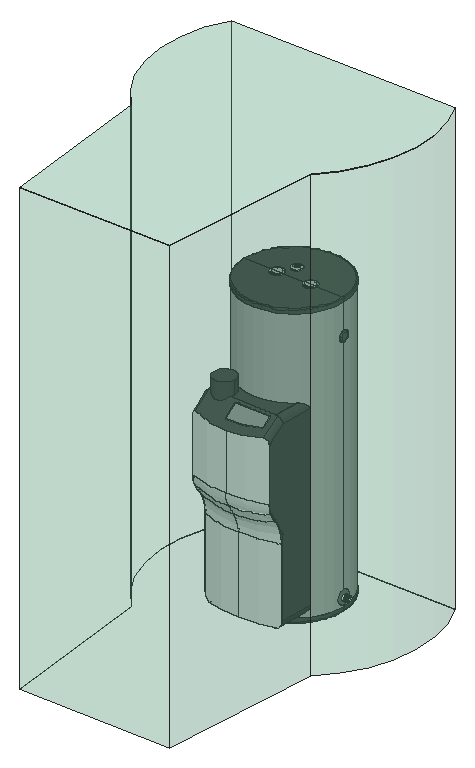
Revit family "Innovo NL_IR 12 200 NL LP", category Mechanical Equipment, Revit 2015
Parameters (values of type "IR-12-200 NL LP")
  Werkruimte Radius = Diameter + 170 mm  # 780 mm
  Werkruimte Hoogte = Hoogte + 1000 mm  # 2745 mm
  Werkruimte Afstand Voor = 1000 mm
  Werkruimte [instance] = yes
  Voorzorgsmaatregelen tijdens montage, installatie of onderhoud = "zie Gebruikers, Installatie, Service en Onderhouds handleiding"  # constant formula
  Voltage = 230 V  # constant formula
  Verpakkingslengte = 946 mm  # constant formula
  Verpakkingshoogte = 1895 mm
  Verpakkingsbreedte = 786 mm  # constant formula
  Uitsluitend werkend in daluren = no
  Type aanduiding = "IR-24-285"
  Transportgewicht = 153 kg
  Totaal Gewicht = 438 kg
  Stilstandsverlies - dagelijks (24u) = 0 W
  Stilstandsverlies = 0 W
  Standaard Afgesteld op = "G25.3"
  Stand Regelthermostaat = 65 °C  # constant formula
  Soort Verpakking = "Karton en Hout"  # constant formula
  Slimme controlefunctie = no
  Setpoint thermostaat = 65 °C  # constant formula
  Seizoens Rendement (Hs) = [Rendement (Hs, vlgs. NEN-EN 89 - 1999)]  # 97
  Rendement (Hs, vlgs. NEN-EN 89 - 1999) = 97
  Rendement (Hi, vlgs. NEN-EN 89 - 1999) = 108
  Produktspecificaties Link = ""
  Produkthandleiding Link = ""
  Produkt Model Nummer (EAN-nummer) = "8717449283834"
  Onderhoudsinterval = "12 maanden"  # constant formula
  Nominale Belasting (Onderwaarde) = "22000.0"
  Nominale Belasting (Bovenwaarde) = "24400.0"
  Nominaal Vermogen = "23800.0"
  NOx-uitstoot mg/kWh = "33.0"
  NOx-uitstoot (lucht vrij, 0% O2) ppm = "21"
  Min. Stand Regelthermostaat = 40 °C  # constant formula
  Max. Werkdruk = 800000.0 Pa
  Max. Stand Regelthermostaat = 85 °C  # constant formula
  Max. Rookgastemperatuur = 57 °C
  Ledig Gewicht = 136 kg
  Kraan Hoogte 02 = if(and(Hoogte = 1745 mm, Diameter = 675 mm), 1518 mm, if(and(Hoogte = 1745 mm, Diameter = 610 mm), 1534 mm, if(Hoogte = 1545 mm, 1328 mm, 1070 mm)))  # 1534 mm
  Kraan Hoogte 01 = if(and(Diameter > 560 mm), 693 mm, 604 mm)  # 693 mm
  Uitschakeldruk LDS < = 210.0 Pa
  URL = "www.aosmith.nl"
  Tapcapaciteit bij ΔT = 70°C  na 90 min. = 630.0 L
  Tapcapaciteit bij ΔT = 70°C  na 60 min. = 490.0 L
  Tapcapaciteit bij ΔT = 70°C  na 30 min. = 340.0 L
  Tapcapaciteit bij ΔT = 70°C  na 120 min. = 780.0 L
  Tapcapaciteit bij ΔT = 55°C  na 90 min. = 830.0 L
  Tapcapaciteit bij ΔT = 55°C  na 60 min. = 650.0 L
  Tapcapaciteit bij ΔT = 55°C  na 30 min. = 460.0 L
  Tapcapaciteit bij ΔT = 55°C  na 120 min. = 1100.0 L
  Tapcapaciteit bij ΔT = 50°C  na 90 min. = 920.0 L
  Tapcapaciteit bij ΔT = 50°C  na 60 min. = 720.0 L
  Tapcapaciteit bij ΔT = 50°C  na 30 min. = 510.0 L
  Tapcapaciteit bij ΔT = 50°C na 120 min. = 1200.0 L
  Tapcapaciteit bij ΔT = 44°C na 120 min. = 1100.0 L
  Tapcapaciteit bij ΔT = 44°C  na 90 min. = 820.0 L
  Tapcapaciteit bij ΔT = 44°C  na 60 min. = 590.0 L
  Tapcapaciteit bij ΔT = 44°C  na 30 min. = 1300.0 L
  Tapcapaciteit bij ΔT = 28°C na 90 min. = 1700.0 L
  Tapcapaciteit bij ΔT = 28°C na 60 min. = 1400.0 L
  Tapcapaciteit bij ΔT = 28°C na 30 min. = 960.0 L
  Tapcapaciteit bij ΔT = 28°C na 120 min. = 2100.0 L
  Tapcapaciteit Continu bij ΔT = 70°C = 290.0 L/s
  Tapcapaciteit Continu bij ΔT = 55°C = 370.0 L/s
  Tapcapaciteit Continu bij ΔT = 50°C = 410.0 L/s
  Tapcapaciteit Continu bij ΔT = 44°C = 460.0 L/s
  Tapcapaciteit Continu bij ΔT = 28°C = 740.0 L/s
  Opwarmtijd bij ΔT = 70°C = "49"
  Opwarmtijd bij ΔT = 55°C = "39"
  Opwarmtijd bij ΔT = 50°C = "35"
  Opwarmtijd bij ΔT = 44°C = "31"
  Opwarmtijd bij ΔT = 28°C = "20"
  Model = "IR-24-285 NL NAT"
  Manufacturer = "A.O. Smith Water Products Company b.v."  # constant formula
  Length = 780 mm  # constant formula
  Jaarlijks elektriciteitsverbruik (2) = "-"
  Jaarlijks elektriciteitsverbruik (1) = "45 kWh"
  Jaarlijks brandstofverbruik (2) = "-"
  Jaarlijks brandstofverbruik (1) = "21 GJ GCV"
  Isolatiedikte = 44 mm
  Installatie Typen = "B23/C13/C33/C43/C53/C63"  # constant formula
  Inhoud = 285.0 L
  Hoogte Warm Water Uitlaat = 1745 mm
  Hoogte Rookgasafvoer = 1350 mm
  Hoogte Lucht Inlaat = 1350 mm
  Hoogte Koud Water Inlaat = 170 mm
  Hoogte Gas Aansluiting = 905 mm
  Hoogte = 1745 mm
  Handelsmerk = "A.O. Smith"  # constant formula
  Geluidsniveau dB (A) = "<45"  # constant formula
  Geluidsniveau binnen = "53 dB"
  Gasverbruik - Volume ltr/hr = "2.30"
  Gasverbruik - Massa kg/h = "n.v.t."
  Gascategorie = "II2EK3B/P"  # constant formula
  Gas Voordruk = 2500.0 Pa
  Gas Aansluiting = 15"  # constant formula
  Garrantie op Tank = "36 maanden"  # constant formula
  Garrantie op Onderdelen = "12 maanden"  # constant formula
  Frequentie = 50 Hz  # constant formula
  Fase = 1
  Fabrikantnummer = "E 7110"  # constant formula
  Energie-efficiëntieklasse voor waterverwarming (2) = "-"
  Energie-efficiëntieklasse voor waterverwarming (1) = "A"  # constant formula
  Energie-efficiëntie voor waterverwarming (2) = "-"
  Energie-efficiëntie voor waterverwarming (1) = "91%"
  Elektrisch Vermogen (piek) = 105 W
  Elektrisch Vermogen (nominaal) = 51 W
  Diameter Schoorsteen - parallel systeem = "2x80"  # constant formula
  Diameter Schoorsteen - concentrisch systeem = "80/125 mm/mm"  # constant formula
  Diameter Schoorsteen - boiler = "80/125 mm/mm"  # constant formula
  Diameter = 610 mm
  Description = "Condenserende Hoog Rendementsboiler"  # constant formula
  Created By = "http://www.cadcompany.nl/"
  Capaciteitsprofiel = "XXL"
  CO2-uitstoot (tol. +/- 1.0) vol% = "9.3"
  CE-PIN = "0063CQ3037"  # constant formula
  Breedte = Diameter  # 610 mm
  Bestemming / Land = "Nederland"  # constant formula
  BIM Content Developer = "CAD & Company"  # constant formula
  Assembly Code = "D3010"
  Ander capaciteitsprofiel = "-"
  Aansluiting Warm Water = 1"
  Aansluiting T&P = 1"
  Aansluiting Koud Water = 3/4"  # constant formula
  Aansluiting Condensafvoer = 40 mm  # constant formula
  Aansluiting Aftapkraan = 3/4"  # constant formula
  2e Onderhoud (algeheel onderhoud) = "12 maanden na installatie"  # constant formula
  1e Onderhoud (check-up) = "3 maanden na installatie"  # constant formula
Reference planes
  plane 1 "Center (Front/Back)": y = 0
  plane 2: z = 0
  plane 3 "Center (Left/Right)": x = 0
  plane 4 "Pipe": through (-383.901, 912.349, 194.799) normal (-0.0879, -0.0879, 0.9923)
  plane 5 "footing": y = 118.925
  plane 6 "footing front": y = -237.85
  plane 7: x = -305
  plane 8: x = 305
  plane 9: z = 1745
Forms (mm)
  Revolve 1, solid, material "RAL 9005", detail levels medium+fine
    sketch origin (0, -237.85, 0) x (-1, 0, 0) y (0, 0, 1)
      loop
        line (0, 28.9) -> (-15, 28.9) -> (-15, 26.4) -> (-8.671, 26.4) -> (-8.671, 18) -> (-5.686, 18) -> (-6.626, 17.06) -> (-6.626, 12.06) -> (-8.671, 12.06) -> (-8.671, 10) -> (-10.031, 10) -> (-23.271, 5.181)
        arc (-23.271, 5.181) -> (-23.763, 4.836) -> (-24.017, 4.293) r 1.159
        line (-24.017, 4.293) -> (-24.017, 1.03)
        arc (-24.017, 1.03) -> (-23.715, 0.302) -> (-22.986, 0) r 1.03
        line (-22.986, 0) -> (0, 0) -> (0, 28.9)
      axis (0, 28.9) -> (0, 0)
    angle from 0 to 360
  Revolve 2, solid, material "RAL 9005", detail levels medium+fine
    sketch origin (0, 118.925, 0) x (-1, 0, 0) y (0, 0, 1)
      loop
        line (-205.984, 28.9) -> (-220.984, 28.9) -> (-220.984, 26.4) -> (-214.655, 26.4) -> (-214.655, 18) -> (-211.67, 18) -> (-212.61, 17.06) -> (-212.61, 12.06) -> (-214.655, 12.06) -> (-214.655, 10) -> (-216.015, 10) -> (-229.256, 5.181)
        arc (-229.256, 5.181) -> (-229.747, 4.836) -> (-230.001, 4.293) r 1.159
        line (-230.001, 4.293) -> (-230.001, 1.03)
        arc (-230.001, 1.03) -> (-229.699, 0.302) -> (-228.971, 0) r 1.03
        line (-228.971, 0) -> (-205.984, 0) -> (-205.984, 28.9)
      axis (-205.984, 28.9) -> (-205.984, 0)
    angle from 0 to 360
  Revolve 3, solid, material "RAL 9005", detail levels medium+fine
    sketch origin (0, 118.925, 0) x (-1, 0, 0) y (0, 0, 1)
      loop
        line (204.016, 28.9) -> (189.016, 28.9) -> (189.016, 26.4) -> (195.345, 26.4) -> (195.345, 18) -> (198.33, 18) -> (197.39, 17.06) -> (197.39, 12.06) -> (195.345, 12.06) -> (195.345, 10) -> (193.985, 10) -> (180.744, 5.181)
        arc (180.744, 5.181) -> (180.253, 4.836) -> (179.999, 4.293) r 1.159
        line (179.999, 4.293) -> (179.999, 1.03)
        arc (179.999, 1.03) -> (180.301, 0.302) -> (181.029, 0) r 1.03
        line (181.029, 0) -> (204.016, 0) -> (204.016, 28.9)
      axis (204.016, 28.9) -> (204.016, 0)
    angle from 0 to 360
Lines and regions (mm)
  symbolic lines
    curve 1: line (0, 280.06, 0) -> (0, -280.06, 0)
    curve 2: line (-280.06, 0, 0) -> (280.06, 0, 0)
  symbolic lines, style "Workspace"
    curve 3: line (681.142, 380.06, 0) -> (-681.142, 380.06, 0)
    curve 4: arc (-681.142, 380.06, 0) -> (-777.325, -64.546, 0) -> (-609.127, -487.2, 0) r 780
    curve 5: line (-609.127, -487.2, 0) -> (-421.783, -1517.825, 0)
    curve 6: line (-421.783, -1517.825, 0) -> (424.03, -1517.825, 0)
    curve 7: line (424.03, -1517.825, 0) -> (611.027, -484.816, 0)
    curve 8: arc (611.027, -484.816, 0) -> (777.449, -63.027, 0) -> (681.142, 380.06, 0) r 780
Dimensions and locks
  plane 5 "footing" to plane 1 "Center (Front/Back)" = 118.925 mm
  plane 1 "Center (Front/Back)" to plane 6 "footing front" = 237.85 mm
  "Diameter": plane 7 to plane 8
  equal spacing: plane 7, plane 3 "Center (Left/Right)", plane 8
  "Hoogte": plane 9 to plane 2
  "Werkruimte Afstand Voor": curve 6 to nested 3
  "Werkruimte Radius": radius of curve 4
  "Werkruimte Radius": radius of curve 8
  aligned and locked: level to plane 2
  aligned and locked: nested 3 to Revolve 1 sketch curve
  aligned and locked: plane 3 "Center (Left/Right)" to Revolve 1 sketch curve
  aligned and locked: nested 3 to plane 1 "Center (Front/Back)"
  aligned and locked: plane 3 "Center (Left/Right)" to nested 3
  aligned and locked: nested 1 to plane 8
  aligned and locked: nested 5 to plane 8
  aligned and locked: nested 2 to plane 7
  aligned and locked: nested 4 to plane 7
  aligned and locked: nested 7 to plane 7
  aligned and locked: nested 8 to plane 3 "Center (Left/Right)"
  aligned and locked: curve 3 to nested 8
  aligned and locked: nested 8 to nested 3
Automatic sketch dimensions
  Revolve 1 sketch curve to level = 0 mm
  plane 3 "Center (Left/Right)" to Revolve 1 sketch curve = 5.686 mm
  Revolve 1 sketch curve to Revolve 1 sketch curve = 0.94 mm  (x2)
  Revolve 1 sketch curve to Revolve 1 sketch curve = 2.046 mm  (x2)
  Revolve 1 sketch curve to Revolve 1 sketch curve = 1.359 mm
  Revolve 1 sketch curve to Revolve 1 sketch curve = 6.329 mm
  level to Revolve 1 sketch curve = 4.091 mm
  Revolve 1 sketch curve to Revolve 1 sketch curve = 12.844 mm
  level to Revolve 1 sketch curve = 1.03 mm
  Revolve 1 sketch curve to Revolve 1 sketch curve = 0.111 mm
  level to Revolve 1 sketch curve = 5.181 mm
  Revolve 1 sketch curve to Revolve 1 sketch curve = 0.745 mm
  level to Revolve 1 sketch curve = 10 mm
  Revolve 1 sketch curve to Revolve 1 sketch curve = 2.06 mm
  Revolve 1 sketch curve to Revolve 1 sketch curve = 5 mm
  Revolve 1 sketch curve to Revolve 1 sketch curve = 8.4 mm
  Revolve 1 sketch curve to Revolve 1 sketch curve = 2.5 mm
  Revolve 1 sketch curve to level = 19.635 mm
  Revolve 1 sketch curve to Revolve 1 sketch curve = 46.465 mm
  Revolve 2 sketch curve to level = 0 mm
  level to Revolve 2 sketch curve = 1.03 mm
  Revolve 2 sketch curve to plane 8 = 74.999 mm
  level to Revolve 2 sketch curve = 5.181 mm
  Revolve 2 sketch curve to Revolve 2 sketch curve = 0.745 mm
  Revolve 2 sketch curve to Revolve 2 sketch curve = 0.397 mm
  Revolve 2 sketch curve to Revolve 2 sketch curve = 8.271 mm
  Revolve 2 sketch curve to Revolve 2 sketch curve = 13.241 mm
  Revolve 2 sketch curve to Revolve 2 sketch curve = 1.359 mm
  Revolve 2 sketch curve to Revolve 2 sketch curve = 6.329 mm
  Revolve 2 sketch curve to Revolve 2 sketch curve = 2.046 mm
  level to Revolve 2 sketch curve = 18 mm
  Revolve 2 sketch curve to Revolve 2 sketch curve = 0.94 mm  (x2)
  Revolve 2 sketch curve to Revolve 2 sketch curve = 8.671 mm
  Revolve 2 sketch curve to Revolve 2 sketch curve = 1.089 mm
  Revolve 2 sketch curve to Revolve 2 sketch curve = 8 mm
  Revolve 2 sketch curve to Revolve 2 sketch curve = 2.06 mm
  Revolve 2 sketch curve to Revolve 2 sketch curve = 8.4 mm
  Revolve 2 sketch curve to Revolve 2 sketch curve = 2.5 mm
  Revolve 2 sketch curve to Revolve 2 sketch curve = 0 mm
  Revolve 2 sketch curve to level = 19.635 mm
  Revolve 2 sketch curve to Revolve 2 sketch curve = 46.465 mm
  Revolve 3 sketch curve to level = 0 mm
  level to Revolve 3 sketch curve = 1.03 mm
  Revolve 3 sketch curve to plane 7 = 125.001 mm
  level to Revolve 3 sketch curve = 5.181 mm
  Revolve 3 sketch curve to Revolve 3 sketch curve = 0.745 mm
  Revolve 3 sketch curve to Revolve 3 sketch curve = 0.397 mm
  Revolve 3 sketch curve to Revolve 3 sketch curve = 8.271 mm
  Revolve 3 sketch curve to Revolve 3 sketch curve = 13.241 mm
  Revolve 3 sketch curve to Revolve 3 sketch curve = 1.359 mm
  Revolve 3 sketch curve to Revolve 3 sketch curve = 6.329 mm
  Revolve 3 sketch curve to Revolve 3 sketch curve = 2.046 mm
  level to Revolve 3 sketch curve = 18 mm
  Revolve 3 sketch curve to Revolve 3 sketch curve = 0.94 mm  (x2)
  Revolve 3 sketch curve to Revolve 3 sketch curve = 8.671 mm
  Revolve 3 sketch curve to Revolve 3 sketch curve = 1.089 mm
  Revolve 3 sketch curve to Revolve 3 sketch curve = 8 mm
  Revolve 3 sketch curve to Revolve 3 sketch curve = 2.06 mm
  Revolve 3 sketch curve to Revolve 3 sketch curve = 8.4 mm
  Revolve 3 sketch curve to Revolve 3 sketch curve = 2.5 mm
  Revolve 3 sketch curve to Revolve 3 sketch curve = 0 mm
  Revolve 3 sketch curve to level = 19.635 mm
  Revolve 3 sketch curve to Revolve 3 sketch curve = 46.465 mm
  curve 4 to curve 8 = 0 mm  (x2)
  plane 1 "Center (Front/Back)" to curve 2 = 0 mm
  curve 1 to plane 3 "Center (Left/Right)" = 0 mm
  plane 1 "Center (Front/Back)" to curve 4 = 0 mm
  curve 4 to plane 3 "Center (Left/Right)" = 0 mm
  curve 5 to plane 6 "footing front" = 249.35 mm
  plane 7 to curve 5 = 116.783 mm
  plane 8 to curve 7 = 119.03 mm
  curve 7 to plane 6 "footing front" = 246.966 mm
  curve 2 to plane 7 = 24.94 mm
  curve 2 to plane 8 = 24.94 mm
  curve 1 to plane 6 "footing front" = 42.21 mm
  plane 5 "footing" to curve 1 = 161.135 mm
Nested families
  nested 1: "Valve" at (305, -0.38, 1534) x (0, 1, 0) z (0, 0, 1), built-in parameter 1001364 <- "Kraan Hoogte 02", type "Valve"
  nested 2: "Drain Valve" at (-305, 0, 1534), built-in parameter 1001364 <- "Kraan Hoogte 02", type "Drain Valve"
  nested 3: "Housing Mother Housing S 57 (external)" at (0, -299.886, 0), type "Housing Mother_Housing S_57"
    with radius 305 mm, distance to boiler center 154 mm, diameter 610 mm
  nested 4: "Drain Valve" at (-305, 0, 177), type "Drain Valve"
  nested 5: "Drain Valve" at (305, 0, 107) x (-1, 0, 0) z (0, 0, 1), type "Drain Valve"
  nested 6: "Boiler" at (0, 0, 0), height <- "Hoogte", type "Boiler"
    with height 1745 mm, radius 305 mm, Diameter 610 mm
  nested 7: "Drain Valve" at (-305, 0, 693), built-in parameter 1001364 <- "Kraan Hoogte 01", type "Drain Valve"
  nested 8: "Innovo_workspace" at (0, 0, 0), Workspace <- "Werkruimte", Workspace Distance Front <- "Werkruimte Afstand Voor", Workspace Height <- "Werkruimte Hoogte", Workspace Radius <- "Werkruimte Radius", type "Workspace"
    with Workspace Radius 780 mm, Workspace Height 2745 mm, Workspace Distance Front 1000 mm, Workspace yes, Center to Front 517.825 mm
Connectors
  piping at (339.826, 0, 107), diameter 19.05, driven by "Aansluiting Aftapkraan"
    settings: on nested 5, index 1, connector inside diameter 24", connector length 0 mm, flow factor 0, pipe flow 0.0 L/s, pressure drop 0.0 Pa, fitting loss kfactor 0, connector angle 0.00°, fixture units 0, engagement length 0 mm, angle of deflection 0.00°, flow configuration 0, flow direction 0, fitting loss method 0, system type 19, joint type 0, gender type 0, connector reference index -1, connector utility 0, adjustable connector no, is connector primary yes, connector description ""
  hvac at (-147.013, -346.326, 1310.674)
    settings: on nested 3, index 2, duct flow 0.0 L/s, flow factor 0, pres drop 0.0 Pa, loss coef 0, conn angle 0.00°, conn width 304.8 mm, conn height 304.8 mm, conn diameter 125 mm, duct sys type 4, conn prof type 0, flow config 0, flow direction 0, loss method 0, conn ref index -1, conn util no, is conn primary yes, conn desc ""
Definition of nested family "Valve"
  Parameters (values of type "Valve")
    Type Comments = "T&P valve (internal)"
    Manufacturer = "A.O. Smith"
  Reference planes
    plane 1 "Center (Front/Back)": y = 0
    plane 2: z = 0
    plane 3 "Center (Left/Right)": x = 0
  Forms (mm)
    Extrusion 1, solid, detail levels fine
      sketch origin (0, 0, 0) x (1, 0, 0) y (0, 0, 1)
        loop
          circle (0, 0) r 31.5
      from -2.271 to 1.4
    Sweep 2, solid, detail levels fine
      path origin (0, -1.4, 0) x (1, 0, 0) y (0, 0, 1)
        loop
          circle (0, 0) r 31.5
      profile origin (0, -1.4, 31.5) x (0, 0, -1) y (0, -1, 0)
        loop
          line (7.3, 0) -> (7.3, 3) -> (0, 0) -> (7.3, 0)
  Dimensions and locks
    aligned and locked: level to plane 2
Definition of nested family "Drain Valve"
  Reference planes
    plane 1 "Center (Front/Back)": y = 0
    plane 2: z = 0
    plane 3 "Center (Left/Right)": x = 0
  Forms (mm)
    Revolve 1, solid, detail levels medium+fine
      sketch origin (0, 0, 0) x (1, 0, 0) y (0, 0, 1)
        loop
          line (-33.442, 15.696) -> (-34.826, 14.329) -> (-34.93, 12.731) -> (-16.555, 12.731) -> (-16.555, 0) -> (15.787, 0) -> (15.787, 18.3) -> (-14.4, 18.3) -> (-17.148, 15.533) -> (-18.729, 16.697) -> (-20.091, 15.333) -> (-21.672, 16.496) -> (-23.034, 15.133) -> (-24.614, 16.296) -> (-25.976, 14.932) -> (-27.557, 16.096) -> (-28.919, 14.732) -> (-30.5, 15.896) -> (-31.862, 14.532) -> (-33.442, 15.696)
        axis (-34.93, 0) -> (15.787, 0)
      angle from 0 to 360
  Dimensions and locks
    aligned and locked: level to plane 2
  Nested families
    nested 1: "Rubber sealing" at (2.592, -0.155, 0) x (0.0023, -1, 0) z (0, 0, 1), type "Rubber sealing", detail levels fine
  Definition of nested family "Rubber sealing"
    Reference planes
      plane 1 "Center (Front/Back)": y = 0
      plane 2: z = 0
      plane 3 "Center (Left/Right)": x = 0
    Forms (mm)
      Extrusion 1, solid, detail levels fine
        sketch origin (141.861, 319.581, 0) x (1, 0, 0) y (0, 1, 0)
          loop
            line (-216.354, -311.898) -> (-216.354, -313.94)
            arc (-216.354, -313.94) -> (-141.602, -321.581) -> (-66.861, -313.835) r 366.966
            line (-66.861, -313.835) -> (-66.861, -311.791)
            arc (-66.861, -311.791) -> (-141.602, -319.581) -> (-216.354, -311.898) r 364.966
        from -80 to 80
      Extrusion 2, void
        sketch origin (141.861, 319.581, 0) x (1, 0, 0) y (0, 0, 1)
          loop
            circle (-141.861, 0) r 13
          loop
            circle (-141.861, 0) r 110
          loop
            circle (-141.861, 0) r 40
        from 311.563 to 332.684
      Extrusion 3, void
        sketch origin (141.861, 319.581, 0) x (1, 0, 0) y (0, 0, 1)
          loop
            circle (-141.861, 0) r 18.25
        from 315.524 to 326.084
    Cuts and joins
      Extrusion 2, Extrusion 3 cuts Extrusion 1
    Dimensions and locks
      aligned and locked: level to plane 2
Definition of nested family "Housing Mother Housing S 57 (external)"
  Parameters (values of type "Housing Mother_Housing S_57")
    radius [instance] = 280 mm
    distance to boiler center = if(diameter = 675 mm, 189 mm, if(diameter = 610 mm, 154 mm, 129 mm))  # 129 mm
    diameter = 560 mm
  Reference planes
    plane 1 "Center (Front/Back)": y = 0
    plane 2: z = 0
    plane 3 "Center (Left/Right)": x = 0
    plane 4 "left": through (-245.286, 145.886, 1200) normal (0.9994, 0.0349, 0)
    plane 5: y = -217.939
    plane 6: y = 145.886
    plane 7: z = 1232.6
    plane 8: z = 65.89
    plane 9 "right": through (245.286, 145.886, 1200) normal (0.9994, -0.0349, 0)
    plane 10 "display": through (0, -90.37, 1221.196) normal (0, -0.5736, 0.8192)
    plane 11 "Potentiostat": z = 867.899
    plane 12 "boiler center": y = 274.886
    plane 13: x = -280
    plane 14: x = 280
  Forms (mm)
    Extrusion 1, solid
      sketch origin (0, 0, 0) x (1, 0, 0) y (0, 1, 0)
        loop
          line (-245.286, 145.886) -> (-232.581, -217.939) -> (232.581, -217.939) -> (245.286, 145.886)
          arc (245.286, 145.886) -> (0, 0.923) -> (-245.286, 145.886) r 280
      from 0 to 1232.6
    Sweep 2, void
      path origin (0, 0, 0) x (0, 1, 0) y (0, 0, 1)
        loop
          line (-217.939, 1232.6) -> (-217.939, 795.555)
          arc (-217.939, 795.555) -> (-212.387, 754.285) -> (-197.694, 715.322) r 183.924
          arc (-197.694, 715.322) -> (-179.915, 684.628) -> (-159.106, 655.901) r 348.284
          arc (-159.106, 655.901) -> (-131.411, 600.328) -> (-121.88, 538.973) r 202.254
          line (-121.88, 538.973) -> (-121.88, 61.106)
      profile origin (0, -217.939, 1014.077) x (1, 0, 0) y (0, 1, 0)
        loop
          arc (0, 0) -> (-117.533, 9.941) -> (-231.728, 39.475) r 699.984
          arc (-231.728, 39.475) -> (-233.391, 40.705) -> (-234.07, 42.659) r 3.505
          line (-234.07, 42.659) -> (-254.062, 42.659) -> (-254.062, -142.593) -> (254.07, -142.593) -> (254.07, 42.659) -> (234.07, 42.659)
          arc (234.07, 42.659) -> (233.391, 40.705) -> (231.728, 39.475) r 3.505
          arc (231.728, 39.475) -> (117.533, 9.941) -> (0, 0) r 699.984
    Extrusion 3, void
      sketch origin (0, 0, 0) x (0, 1, 0) y (0, 0, 1)
        loop
          arc (102.864, 70.869) -> (99.804, 70.709) -> (96.874, 69.813) r 12.57
          arc (96.874, 69.813) -> (87.878, 66.533) -> (78.516, 64.529) r 69.114
          arc (78.516, 64.529) -> (76.41, 64.284) -> (74.294, 64.148) r 41.206
          arc (74.294, 64.148) -> (65.203, 64.335) -> (56.122, 64.782) r 318.661
          arc (56.122, 64.782) -> (30.585, 66.179) -> (5.028, 67.128) r 1456.581
          line (5.028, 67.128) -> (-84.534, 73.135)
          arc (-84.534, 73.135) -> (-86.363, 73.808) -> (-87.536, 75.365) r 3.455
          line (-87.536, 75.365) -> (-264.473, 75.365) -> (-264.473, 0) -> (160.886, 0) -> (160.886, 103.945) -> (145.886, 103.945)
          arc (145.886, 103.945) -> (145.104, 97.827) -> (142.923, 92.059) r 26.364
          arc (142.923, 92.059) -> (141.067, 88.936) -> (138.867, 86.045) r 31.715
          arc (138.867, 86.045) -> (135.576, 82.49) -> (132.021, 79.2) r 62.615
          arc (132.021, 79.2) -> (125.841, 74.697) -> (119.091, 71.103) r 54.444
          arc (119.091, 71.103) -> (116.371, 70.272) -> (113.531, 70.123) r 11.669
          line (113.531, 70.123) -> (102.864, 70.869)
      from -254.062 to 254.07
    Sweep 4, void
      path origin (0, 0, 0) x (1, 0, 0) y (0, 1, 0)
        loop
          line (-245.286, 145.886) -> (-232.581, -217.939)
      profile origin (-238.933, -36.027, 0) x (0.999391, 0.034899, 0) y (0, 0, 1)
        loop
          line (-4.454, 0) -> (47.084, 0) -> (47.084, 73.431)
          arc (47.084, 73.431) -> (14.222, 85.134) -> (0.255, 117.1) r 43.922
          line (0.255, 117.1) -> (-4.454, 117.1) -> (-4.454, 0)
    Sweep 5, void
      path origin (0, 0, 0) x (-1, 0, 0) y (0, 1, 0)
        loop
          line (-245.286, 145.886) -> (-232.581, -217.939)
      profile origin (238.933, -36.027, 0) x (0.999391, -0.034899, 0) y (0, 0, 1)
        loop
          line (4.454, 0) -> (4.454, 117.1) -> (-0.255, 117.1)
          arc (-0.255, 117.1) -> (-14.222, 85.134) -> (-47.084, 73.431) r 43.922
          line (-47.084, 73.431) -> (-47.084, 0) -> (4.454, 0)
    Sweep 6, void
      path origin (-239.899, -8.377, 0) x (-0.034899, 0.999391, 0) y (0, 0, 1)
        loop
          line (-209.69, 1141.272) -> (-79.18, 1232.6) -> (154.358, 1232.6)
      profile origin (-241.211, 29.188, 1232.6) x (0, 0, 1) y (0.999391, 0.034899, 0)
        loop
          line (-45, -30) -> (75, -30) -> (75, 0) -> (75, 55) -> (2.799, 55) -> (-1.253, 35.128)
          arc (-1.253, 35.128) -> (-16.771, 9.564) -> (-45, -0.308) r 44.287
          line (-45, -0.308) -> (-45, -30)
    Sweep 7, void
      path origin (239.899, -8.377, 0) x (0.034899, 0.999391, 0) y (0, 0, 1)
        loop
          line (-209.69, 1141.272) -> (-79.18, 1232.6) -> (154.358, 1232.6)
      profile origin (241.211, 29.188, 1232.6) x (0, 0, -1) y (-0.999391, 0.034899, 0)
        loop
          line (-75, -25) -> (45, -25) -> (45, -0.308)
          arc (45, -0.308) -> (16.771, 9.564) -> (1.253, 35.128) r 44.287
          line (1.253, 35.128) -> (-2.799, 55) -> (-75, 55) -> (-75, -25)
    Extrusion 8, void
      sketch origin (0, 0, 0) x (0, 1, 0) y (0, 0, 1)
        loop
          line (-270, 1336.099) -> (-270, 1099.081) -> (68.497, 1336.099) -> (-270, 1336.099)
      from -425.038 to 444.42
    Extrusion 9, solid, detail levels medium+fine
      sketch origin (0, 0, 0) x (1, 0, 0) y (0, 1, 0)
        loop
          circle (-147.013, -46.44) r 65
      from 1163.174 to 1310.674
    Extrusion 10, void
      sketch origin (0, -603.506, 861.895) x (0, 0.819152, 0.573576) y (-1, 0, 0)
        loop
          arc (618.322, -173) -> (623.272, -170.95) -> (625.322, -166) r 7
          line (625.322, -166) -> (625.322, 35)
          arc (625.322, 35) -> (623.272, 39.95) -> (618.322, 42) r 7
          line (618.322, 42) -> (535.473, 42)
          arc (535.473, 42) -> (530.688, 40.11) -> (528.488, 35.46) r 7
          arc (528.488, 35.46) -> (531.569, -67.592) -> (554.18, -168.18) r 540
          arc (554.18, -168.18) -> (556.724, -171.668) -> (560.831, -173) r 7
          line (560.831, -173) -> (618.322, -173)
      from 0 to 137.286
    Sweep 11, solid, detail levels fine
      path origin (0, 0, 867.899) x (-1, 0, 0) y (0, -1, 0)
        loop
          line (309.749, -35.617) -> (204.371, -35.617)
          arc (204.371, -35.617) -> (196.509, -34.687) -> (189.082, -31.947) r 33.677
          line (189.082, -31.947) -> (-9.574, 69.274)
      profile origin (-257.06, 35.617, 867.899) x (0, 1, 0) y (0, 0, 1)
        loop
          circle (0, 0) r 7.316
        loop
          circle (0, 0) r 6.465
    Revolve 12, void
      sketch origin (0, 274.886, 0) x (-1, 0, 0) y (0, 0, 1)
        loop
          line (280, 1243.838) -> (0, 1243.838) -> (0, 54.9) -> (280, 54.9) -> (280, 1243.838)
        axis (0, 1243.838) -> (0, 54.9)
      angle from 0 to 360
  Cuts and joins
    Sweep 2, Extrusion 3, Sweep 4, Sweep 5, Sweep 6, Sweep 7, Extrusion 8, Extrusion 10, Revolve 12 cuts Extrusion 1
  Dimensions and locks
    plane 8 to plane 2 = 65.89 mm
    plane 7 to plane 8 = 1166.71 mm
    "distance to boiler center": plane 12 "boiler center" to plane 6
    "diameter": plane 14 to plane 13
    equal spacing: plane 14, plane 3 "Center (Left/Right)", plane 13
    "radius": plane 3 "Center (Left/Right)" to plane 13
    aligned and locked: level to plane 2
    aligned and locked: Extrusion 1 to plane 7
    aligned and locked: Extrusion 1 sketch curve to plane 5
    aligned and locked: Sweep 2 to Extrusion 3
    aligned and locked: Extrusion 3 to Sweep 2  (x2)
    aligned and locked: plane 7 to Sweep 2 sketch curve
    aligned and locked: plane 3 "Center (Left/Right)" to Revolve 12 sketch curve
    aligned and locked: Revolve 12 sketch curve to plane 3 "Center (Left/Right)"
    aligned and locked: plane 13 to Revolve 12 sketch curve
  Automatic sketch dimensions
    Extrusion 1 sketch curve to plane 4 "left" = 0 mm  (x2)
    Extrusion 1 sketch curve to plane 6 = 0 mm  (x2)
    Extrusion 1 sketch curve to plane 3 "Center (Left/Right)" = 0 mm
    Extrusion 1 sketch curve to plane 9 "right" = 0 mm
    plane 6 to Extrusion 1 sketch curve = 135.037 mm
    Sweep 2 sketch curve to plane 5 = 0 mm
    plane 5 to Sweep 2 sketch curve = 106.195 mm
    Sweep 2 sketch curve to plane 5 = 96.059 mm
    plane 1 "Center (Front/Back)" to Sweep 2 sketch curve = 34.053 mm
    plane 11 "Potentiostat" to Sweep 2 sketch curve = 6.417 mm
    Sweep 2 sketch curve to plane 6 = 33.705 mm
    Sweep 2 sketch curve to plane 11 "Potentiostat" = 68.615 mm
    Sweep 2 sketch curve to plane 11 "Potentiostat" = 72.345 mm
    Sweep 2 sketch curve to Sweep 2 sketch curve = 176.349 mm
    Sweep 2 sketch curve to Sweep 2 sketch curve = 0 mm  (x2)
    plane 8 to Sweep 2 sketch curve = 4.784 mm
    Extrusion 3 sketch curve to level = 0 mm
    Extrusion 3 sketch curve to plane 6 = 0 mm
    Extrusion 3 sketch curve to plane 6 = 26.363 mm
    Extrusion 3 sketch curve to Extrusion 3 sketch curve = 4.75 mm
    Extrusion 3 sketch curve to Extrusion 3 sketch curve = 5.179 mm
    Extrusion 3 sketch curve to plane 8 = 4.232 mm
    Extrusion 3 sketch curve to Extrusion 3 sketch curve = 0.814 mm
    Extrusion 3 sketch curve to plane 8 = 4.978 mm
    Extrusion 3 sketch curve to Extrusion 3 sketch curve = 10.667 mm
    Extrusion 3 sketch curve to Extrusion 3 sketch curve = 0.877 mm
    Extrusion 3 sketch curve to Extrusion 3 sketch curve = 17.827 mm
    Extrusion 3 sketch curve to Extrusion 3 sketch curve = 5.646 mm
    Extrusion 3 sketch curve to plane 6 = 69.562 mm
    Extrusion 3 sketch curve to Extrusion 3 sketch curve = 18.6 mm
    Extrusion 3 sketch curve to Extrusion 3 sketch curve = 22.538 mm
    Extrusion 3 sketch curve to plane 8 = 1.238 mm
    Extrusion 3 sketch curve to plane 1 "Center (Front/Back)" = 5.028 mm
    plane 1 "Center (Front/Back)" to Extrusion 3 sketch curve = 36.224 mm
    Extrusion 3 sketch curve to plane 8 = 10.692 mm
    plane 1 "Center (Front/Back)" to Extrusion 3 sketch curve = 84.302 mm
    Extrusion 3 sketch curve to plane 8 = 7.244 mm
    Extrusion 3 sketch curve to Extrusion 3 sketch curve = 0.231 mm
    Extrusion 3 sketch curve to Extrusion 3 sketch curve = 3.234 mm
    plane 5 to Extrusion 3 sketch curve = 46.534 mm
    plane 6 to Extrusion 3 sketch curve = 15 mm
    Extrusion 3 sketch curve to level = 1388.869 mm
    plane 8 to Extrusion 3 sketch curve = 7.561 mm
    Extrusion 3 sketch curve to Extrusion 3 sketch curve = 11.64 mm
    Extrusion 3 sketch curve to plane 8 = 38.054 mm
    Extrusion 3 sketch curve to Extrusion 3 sketch curve = 22.442 mm
    Extrusion 3 sketch curve to plane 8 = 39.432 mm
    Extrusion 3 sketch curve to Extrusion 3 sketch curve = 2.466 mm
    Extrusion 3 sketch curve to Extrusion 3 sketch curve = 14.17 mm
    Extrusion 3 sketch curve to Extrusion 3 sketch curve = 5.925 mm
    Extrusion 3 sketch curve to Extrusion 3 sketch curve = 6.186 mm
    Extrusion 3 sketch curve to Extrusion 3 sketch curve = 249.85 mm
    Extrusion 3 sketch curve to Extrusion 3 sketch curve = 0 mm  (x4)
    Extrusion 3 sketch curve to Extrusion 3 sketch curve = 6.845 mm
    plane 8 to Extrusion 3 sketch curve = 1.743 mm
    Sweep 4 sketch curve to plane 4 "left" = 0 mm  (x2)
    Sweep 4 sketch curve to plane 6 = 0 mm
    plane 5 to Sweep 4 sketch curve = 0 mm
    Sweep 4 sketch curve to level = 0 mm
    profile plane to Sweep 4 sketch curve = 4.454 mm
    Sweep 4 sketch curve to profile plane = 0.255 mm
    Sweep 4 sketch curve to Sweep 4 sketch curve = 43.922 mm
    Sweep 4 sketch curve to profile plane = 47.084 mm
    level to Sweep 4 sketch curve = 73.431 mm
    Sweep 4 sketch curve to Sweep 4 sketch curve = 43.669 mm
    Sweep 5 sketch curve to plane 6 = 0 mm
    Sweep 5 sketch curve to plane 9 "right" = 0 mm  (x2)
    plane 5 to Sweep 5 sketch curve = 0 mm
    Sweep 5 sketch curve to level = 0 mm
    profile plane to Sweep 5 sketch curve = 47.084 mm
    Sweep 5 sketch curve to Sweep 5 sketch curve = 2.907 mm
    profile plane to Sweep 5 sketch curve = 0.255 mm
    Sweep 5 sketch curve to profile plane = 4.454 mm
    level to Sweep 5 sketch curve = 73.431 mm
    Sweep 5 sketch curve to Sweep 5 sketch curve = 43.669 mm
    Sweep 6 sketch curve to plane 7 = 0 mm
    plane 7 to Sweep 6 sketch curve = 91.328 mm
    Sweep 6 sketch curve to Sweep 6 sketch curve = 130.509 mm
    Sweep 6 sketch curve to Sweep 6 sketch curve = 233.538 mm
    Sweep 6 sketch curve to plane 4 "left" = 0 mm
    profile plane to Sweep 6 sketch curve = 45 mm
    Sweep 6 sketch curve to Sweep 6 sketch curve = 0.354 mm
    profile plane to Sweep 6 sketch curve = 1.253 mm
    Sweep 6 sketch curve to profile plane = 2.799 mm
    Sweep 6 sketch curve to Sweep 6 sketch curve = 72.201 mm
    Sweep 6 sketch curve to plane 4 "left" = 0.308 mm
    Sweep 6 sketch curve to Sweep 6 sketch curve = 29.692 mm
    plane 4 "left" to Sweep 6 sketch curve = 35.128 mm
    plane 4 "left" to Sweep 6 sketch curve = 55 mm
    Sweep 7 sketch curve to plane 7 = 0 mm
    Sweep 7 sketch curve to plane 7 = 91.328 mm
    Sweep 7 sketch curve to Sweep 7 sketch curve = 130.509 mm
    Sweep 7 sketch curve to Sweep 7 sketch curve = 233.538 mm
    Sweep 7 sketch curve to plane 9 "right" = 25 mm
    profile plane to Sweep 7 sketch curve = 75 mm
    profile plane to Sweep 7 sketch curve = 2.799 mm
    Sweep 7 sketch curve to profile plane = 1.253 mm
    Sweep 7 sketch curve to Sweep 7 sketch curve = 43.393 mm
    Sweep 7 sketch curve to profile plane = 45 mm
    Sweep 7 sketch curve to plane 9 "right" = 0.308 mm
    plane 9 "right" to Sweep 7 sketch curve = 35.128 mm
    Sweep 7 sketch curve to Sweep 7 sketch curve = 19.872 mm
    plane 5 to Extrusion 8 sketch curve = 52.061 mm
    Extrusion 8 sketch curve to plane 1 "Center (Front/Back)" = 68.497 mm
    plane 7 to Extrusion 8 sketch curve = 133.519 mm
    Extrusion 8 sketch curve to plane 7 = 103.499 mm
    plane 1 "Center (Front/Back)" to Extrusion 9 sketch curve = 46.44 mm
    Extrusion 9 sketch curve to plane 3 "Center (Left/Right)" = 147.013 mm
    Extrusion 10 sketch curve to plane 3 "Center (Left/Right)" = 0 mm
    Extrusion 10 sketch curve to plane 3 "Center (Left/Right)" = 35 mm
    Extrusion 10 sketch curve to Extrusion 10 sketch curve = 25.359 mm
    Extrusion 10 sketch curve to Extrusion 10 sketch curve = 57.491 mm
    Extrusion 10 sketch curve to plane 3 "Center (Left/Right)" = 42 mm
    Extrusion 10 sketch curve to Extrusion 10 sketch curve = 82.85 mm
    Extrusion 10 sketch curve to Extrusion 10 sketch curve = 7 mm
    Extrusion 10 sketch curve to Extrusion 10 sketch curve = 442 mm
    plane 3 "Center (Left/Right)" to Extrusion 10 sketch curve = 166 mm
    Extrusion 10 sketch curve to Extrusion 10 sketch curve = 0 mm  (x2)
    Sweep 11 sketch curve to plane 1 "Center (Front/Back)" = 31.947 mm
    Sweep 11 sketch curve to plane 3 "Center (Left/Right)" = 189.082 mm
    Sweep 11 sketch curve to plane 1 "Center (Front/Back)" = 1.94 mm
    Sweep 11 sketch curve to Sweep 11 sketch curve = 15.289 mm
    plane 3 "Center (Left/Right)" to Sweep 11 sketch curve = 9.574 mm
    Sweep 11 sketch curve to Sweep 11 sketch curve = 105.378 mm
    plane 1 "Center (Front/Back)" to Sweep 11 sketch curve = 69.274 mm
    Sweep 11 sketch curve to Sweep 11 sketch curve = 0 mm  (x2)
    Sweep 11 sketch curve to plane 11 "Potentiostat" = 0 mm
    Sweep 11 sketch curve to profile plane = 0 mm
    plane 8 to Revolve 12 sketch curve = 10.99 mm
    Revolve 12 sketch curve to plane 7 = 11.238 mm
    Revolve 12 sketch curve to level = 366.045 mm
    Revolve 12 sketch curve to Revolve 12 sketch curve = 971.917 mm
    Sweep 2 sketch curve to plane 3 "Center (Left/Right)" = 0 mm
    profile plane to Sweep 2 sketch curve = 0 mm
    Sweep 2 sketch curve to plane 3 "Center (Left/Right)" = 0.016 mm
    Sweep 2 sketch curve to profile plane = 42.782 mm  (x2)
    Sweep 2 sketch curve to plane 3 "Center (Left/Right)" = 230.568 mm
    plane 3 "Center (Left/Right)" to Sweep 2 sketch curve = 0.016 mm
    plane 3 "Center (Left/Right)" to Sweep 2 sketch curve = 230.568 mm
    Sweep 2 sketch curve to Sweep 2 sketch curve = 3.502 mm  (x2)
    Sweep 2 sketch curve to Sweep 2 sketch curve = 20 mm
    profile plane to Sweep 2 sketch curve = 142.593 mm
    Sweep 2 sketch curve to Sweep 2 sketch curve = 0.122 mm  (x2)
    Sweep 2 sketch curve to Sweep 2 sketch curve = 657.203 mm
    Sweep 2 sketch curve to Sweep 2 sketch curve = 19.991 mm
    radius of Extrusion 9 sketch curve = 65 mm
    radius of Sweep 11 sketch curve = 7.316 mm
    radius of Sweep 11 sketch curve = 6.465 mm
  Nested families
    nested 1: "display" at (65.5, -130.939, 1192.79) x (-1, 0, 0) z (0, -0.5736, 0.8192), type "display"
  Definition of nested family "display"
    Parameters (values of type "display")
      Default Elevation = 1219.2 mm
    Reference planes
      plane 1 "Center (Front/Back)": y = 0
      plane 2: z = 0
      plane 3 "Center (Left/Right)": x = 0
    Forms (mm)
      Extrusion 1, solid, detail levels medium+fine
        sketch origin (-16.958, 11.842, -343.878) x (1, 0, 0) y (0, 0, -1)
          loop
            line (-233.523, -343.878) -> (-233.523, -346.592) -> (332.686, -346.592) -> (332.686, -343.878) -> (-233.523, -343.878)
        from -228.7 to 150.822
      Extrusion 2, void
        sketch origin (-16.958, 6.842, -343.878) x (1, 0, 0) y (0, 1, 0)
          loop
            line (-233.523, 155.822) -> (-233.523, -223.7) -> (332.686, -223.7) -> (332.686, 155.822) -> (-233.523, 155.822)
          loop
            arc (-90.542, -48.267) -> (-88.492, -53.216) -> (-83.542, -55.267) r 7
            line (-83.542, -55.267) -> (117.458, -55.267)
            arc (117.458, -55.267) -> (122.408, -53.216) -> (124.458, -48.267) r 7
            line (124.458, -48.267) -> (124.458, 34.583)
            arc (124.458, 34.583) -> (122.568, 39.368) -> (117.918, 41.568) r 7
            arc (117.918, 41.568) -> (14.866, 38.487) -> (-85.722, 15.876) r 540
            arc (-85.722, 15.876) -> (-89.21, 13.332) -> (-90.542, 9.224) r 7
            line (-90.542, 9.224) -> (-90.542, -48.267)
        from 328.878 to 363.083
    Cuts and joins
      Extrusion 2 cuts Extrusion 1
    Dimensions and locks
      aligned and locked: level to plane 2
Definition of nested family "Boiler"
  Parameters (values of type "Boiler")
    radius [instance] = 280 mm
    height [instance] = 1270 mm
    Diameter = 560 mm
  Reference planes
    plane 1 "Center (Front/Back)": y = 0
    plane 2: z = 0
    plane 3 "Center (Left/Right)": x = 0
    plane 4: z = 1243.838
    plane 5: z = 1270
    plane 6 "bottom": z = 28.9
    plane 7: z = 54.9
    plane 8 "top controle": y = 88
    plane 9: x = -280
    plane 10: x = 280
  Forms (mm)
    Revolve 1, solid
      sketch origin (0, 0, 0) x (1, 0, 0) y (0, 0, 1)
        loop
          line (0, 54.9) -> (-280, 54.9) -> (-280, 32.9)
          arc (-280, 32.9) -> (-278.828, 30.072) -> (-276, 28.9) r 4
          line (-276, 28.9) -> (0, 28.9) -> (0, 54.9)
        axis (0, 28.9) -> (0, 54.9)
      angle from 0 to 360
    Revolve 2, solid
      sketch origin (1.311, 0, 0) x (1, 0, 0) y (0, 0, 1)
        loop
          line (-278.86, 1243.838) -> (-278.86, 54.9) -> (-1.311, 54.9) -> (-1.311, 1243.838) -> (-278.86, 1243.838)
        axis (-1.311, 1243.838) -> (-1.311, 54.9)
      angle from 0 to 360
    Revolve 3, solid
      sketch origin (-9.205, 0, 377.212) x (-1, 0, 0) y (0, 0, 1)
        loop
          line (-148.904, 892.788) -> (-110.805, 892.788) -> (-110.805, 895.963) -> (-141.883, 895.963) -> (-148.904, 893.62) -> (-148.904, 892.788)
        axis (-110.805, 892.788) -> (-110.805, 895.963)
      angle from 0 to 360
    Revolve 4, solid
      sketch origin (0, 0, 718.065) x (1, 0, 0) y (0, 0, -1)
        loop
          line (0, -525.773) -> (-280, -525.773) -> (-280, -547.935)
          arc (-280, -547.935) -> (-278.828, -550.763) -> (-276, -551.935) r 4
          line (-276, -551.935) -> (0, -551.935) -> (0, -525.773)
        axis (0, -551.935) -> (0, -525.773)
      angle from 0 to 360
    Revolve 5, solid
      sketch origin (0, 88, 0) x (1, 0, 0) y (0, 0, 1)
        loop
          line (-19.051, 1270) -> (-19.051, 1271.074) -> (-32.63, 1275.604) -> (-32.63, 1271.117) -> (-37.266, 1271.117) -> (-38.383, 1270) -> (-19.051, 1270)
        axis (-50.8, 1270) -> (-50.8, 1275.604)
      angle from 0 to 360
    Revolve 6, solid
      sketch origin (-217.12, 0, 372.245) x (-1, 0, 0) y (0, 0, 1)
        loop
          line (-153.622, 897.755) -> (-115.52, 897.755) -> (-115.52, 900.93) -> (-146.626, 900.93) -> (-153.622, 898.596) -> (-153.622, 897.755)
        axis (-115.52, 897.755) -> (-115.52, 900.93)
      angle from 0 to 360
  Dimensions and locks
    "height": plane 5 to plane 2
    plane 6 "bottom" to plane 2 = 28.9 mm
    locked: plane 5 to plane 4 at 26.162
    locked: plane 1 "Center (Front/Back)" to plane 8 "top controle" at 88
    "Diameter": plane 10 to plane 9
    equal spacing: plane 10, plane 3 "Center (Left/Right)", plane 9
    "radius": plane 3 "Center (Left/Right)" to plane 9
    locked: plane 9 to Revolve 2 sketch curve at 2.452
    aligned and locked: level to plane 2
    aligned and locked: Revolve 2 sketch curve to plane 7
    aligned and locked: Revolve 2 sketch curve to plane 4
    aligned and locked: Revolve 1 sketch curve to plane 7
    aligned and locked: plane 6 "bottom" to Revolve 1 sketch curve
    aligned and locked: Revolve 4 sketch curve to plane 3 "Center (Left/Right)"
    aligned and locked: plane 5 to Revolve 4 sketch curve
    aligned and locked: Revolve 4 sketch curve to plane 4
    aligned and locked: plane 9 to Revolve 4 sketch curve
    aligned and locked: Revolve 1 sketch curve to plane 9
    aligned and locked: Revolve 2 sketch curve to plane 3 "Center (Left/Right)"
    aligned and locked: plane 3 "Center (Left/Right)" to Revolve 2 sketch curve
  Automatic sketch dimensions
    Revolve 1 sketch curve to plane 3 "Center (Left/Right)" = 0 mm  (x2)
    Revolve 1 sketch curve to Revolve 1 sketch curve = 4 mm
    Revolve 1 sketch curve to level = 40 mm
    Revolve 1 sketch curve to Revolve 1 sketch curve = 305.1 mm
    Revolve 2 sketch curve to level = 366.045 mm
    Revolve 2 sketch curve to plane 5 = 945.755 mm
    Revolve 3 sketch curve to plane 5 = 0 mm
    Revolve 3 sketch curve to plane 3 "Center (Left/Right)" = 139.699 mm
    plane 5 to Revolve 3 sketch curve = 3.175 mm
    Revolve 3 sketch curve to Revolve 3 sketch curve = 7.022 mm
    Revolve 3 sketch curve to Revolve 3 sketch curve = 31.078 mm
    Revolve 3 sketch curve to Revolve 3 sketch curve = 0.832 mm
    Revolve 3 sketch curve to Revolve 3 sketch curve = 0 mm
    Revolve 3 sketch curve to Revolve 3 sketch curve = 2.338 mm
    Revolve 3 sketch curve to Revolve 3 sketch curve = 4.487 mm
    Revolve 4 sketch curve to plane 3 "Center (Left/Right)" = 0 mm
    Revolve 4 sketch curve to Revolve 4 sketch curve = 4 mm
    Revolve 4 sketch curve to Revolve 4 sketch curve = 68.738 mm
    Revolve 4 sketch curve to Revolve 4 sketch curve = 305.1 mm
    Revolve 6 sketch curve to plane 5 = 0 mm
    plane 3 "Center (Left/Right)" to Revolve 6 sketch curve = 63.497 mm
    plane 5 to Revolve 6 sketch curve = 3.175 mm
    Revolve 6 sketch curve to Revolve 6 sketch curve = 6.997 mm
    Revolve 6 sketch curve to Revolve 6 sketch curve = 31.106 mm
    Revolve 6 sketch curve to Revolve 6 sketch curve = 0.84 mm
    Revolve 6 sketch curve to Revolve 6 sketch curve = 0 mm
    Revolve 6 sketch curve to Revolve 6 sketch curve = 7.216 mm
    Revolve 6 sketch curve to Revolve 6 sketch curve = 0.391 mm
    Revolve 5 sketch curve to Revolve 5 sketch curve = 13.578 mm
    Revolve 5 sketch curve to Revolve 5 sketch curve = 1.074 mm
    Revolve 5 sketch curve to Revolve 5 sketch curve = 12.417 mm
    Revolve 5 sketch curve to Revolve 5 sketch curve = 5.753 mm
    Revolve 5 sketch curve to plane 5 = 1.117 mm
    Revolve 5 sketch curve to Revolve 5 sketch curve = 1.117 mm
    plane 5 to Revolve 5 sketch curve = 4.396 mm
    Revolve 5 sketch curve to plane 5 = 0 mm
    Revolve 5 sketch curve to Revolve 5 sketch curve = 4.487 mm
    Revolve 5 sketch curve to plane 3 "Center (Left/Right)" = 38.383 mm
    Revolve 5 sketch curve to plane 5 = 5.604 mm
Definition of nested family "Innovo_workspace"
  Parameters (values of type "Workspace")
    Workspace Radius [instance] = 730 mm
    Workspace Height [instance] = 2270 mm
    Workspace Distance Front [instance] = 1000 mm
    Workspace [instance] = yes
    URL = "www.aosmith.nl"
    Model = ""
    Manufacturer = "A.O. Smith Water Products Company b.v."  # constant formula
    Description = ""
    Created By = ""
    Center to Front [instance] = 492.825 mm
    BIM Content Developer = "CAD & Company"  # constant formula
    Assembly Code = ""
  Reference planes
    plane 1 "Center (Front/Back)": y = 0
    plane 2: z = 0
    plane 3 "Center (Left/Right)": x = 0
    plane 4 "Pipe": through (-383.901, 912.349, 194.799) normal (-0.0879, -0.0879, 0.9923)
    plane 5 "front": y = -492.825
  Forms (mm)
    Extrusion 1, solid, visible <- "Workspace"
      sketch origin (0, 0, 0) x (1, 0, 0) y (0, 1, 0)
        loop
          line (456.53, -1492.825) -> (500.201, -531.695)
          arc (500.201, -531.695) -> (723.44, -97.643) -> (623.261, 380.06) r 730
          line (623.261, 380.06) -> (-623.261, 380.06)
          arc (-623.261, 380.06) -> (-723.227, -99.209) -> (-497.893, -533.856) r 730
          line (-497.893, -533.856) -> (-454.283, -1492.825) -> (456.53, -1492.825)
      from 0 to 2270 <- "Workspace Height"
  Lines and regions (mm)
    symbolic lines
      curve 1: line (0, 280.06, 0) -> (0, -280.06, 0)
      curve 2: line (-255.06, 0, 0) -> (255.06, 0, 0)
  Dimensions and locks
    locked: Extrusion 1 sketch curve to curve 1 at 100
    "Workspace Distance Front": plane 5 "front" to Extrusion 1
    "Center to Front": plane 1 "Center (Front/Back)" to plane 5 "front"
    "Workspace Radius": radius of Extrusion 1 sketch curve  (x2)
    aligned and locked: level to plane 2
  Automatic sketch dimensions
    plane 1 "Center (Front/Back)" to curve 2 = 0 mm
    curve 1 to plane 3 "Center (Left/Right)" = 0 mm
    plane 3 "Center (Left/Right)" to curve 2 = 255.06 mm
    curve 1 to plane 1 "Center (Front/Back)" = 280.06 mm
    curve 2 to plane 3 "Center (Left/Right)" = 255.06 mm
    plane 5 "front" to curve 1 = 212.765 mm
    Extrusion 1 sketch curve to Extrusion 1 sketch curve = 0 mm  (x2)
    plane 1 "Center (Front/Back)" to Extrusion 1 sketch curve = 0 mm
    Extrusion 1 sketch curve to plane 3 "Center (Left/Right)" = 0 mm
    Extrusion 1 sketch curve to plane 5 "front" = 41.031 mm
    Extrusion 1 sketch curve to plane 3 "Center (Left/Right)" = 454.283 mm
    plane 3 "Center (Left/Right)" to Extrusion 1 sketch curve = 456.53 mm
    Extrusion 1 sketch curve to plane 5 "front" = 38.869 mm
    Extrusion 1 sketch curve to Extrusion 1 sketch curve = 961.131 mm
